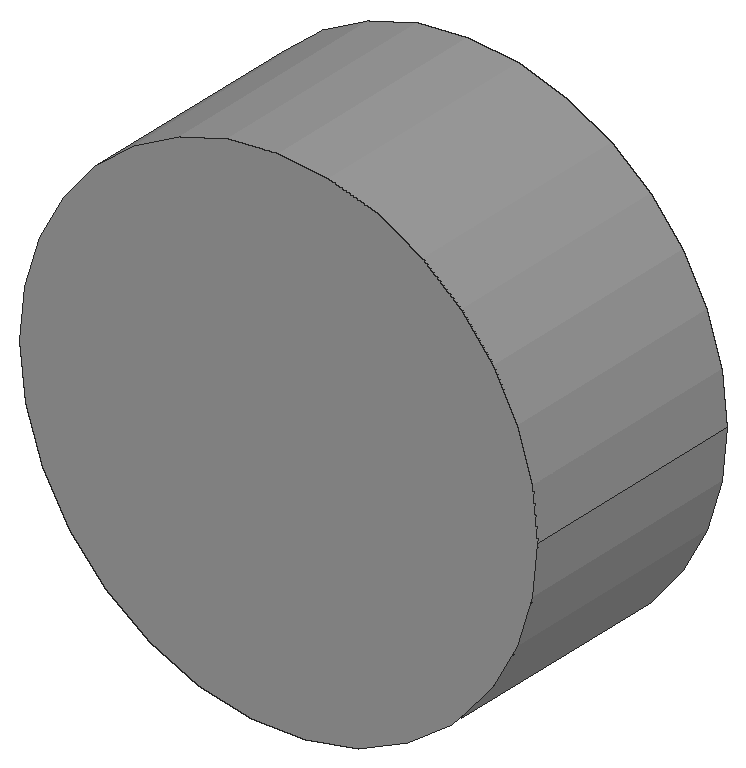
Revit family "Задание_Круглая_Стена_БезОсновы", category Окна, Revit 2019
Family settings
  На основе рабочей плоскости = Нет
  Всегда вертикально = Да
  При загрузке вырезать с полостями = Нет
  Общий = Да
  Точка расчета площади = Нет
Parameters (values of type "Отверстие с гильзой")
  Width = 0 mm  # constant formula
  ТолщинаОсновы [instance] = 100 mm
  Согласованно [instance] = not(Несогласованно)  # no
  Смещение дуги [instance] = Размер_Диаметр / 4  # 54.75 mm
  Размер_Диаметр [instance] = if(Гильза, Диаметр гильзы, Диаметр отверстия)  # 219 mm
  Rough Width = 0 mm  # constant formula
  Rough Height = 0 mm  # constant formula
  Позиция [instance] = "1"
  Отверстие_Толщина стенки [instance] = 4 mm
  Отверстие_Отметка этажа [instance] = 0 mm
  Отверстие_Отметка от этажа [instance] = 0 mm
  Отверстие_Отметка от нуля [instance] = Отверстие_Отметка этажа + Отверстие_Отметка от этажа  # 0 mm
  Отверстие_Дисциплина [instance] = ""
  Отверстие_Дата [instance] = ""
  Отверстие = not(Гильза)  # no
  Несогласованно [instance] = yes
  Материал стены [instance] = ""
  Группа модели = "Задание"  # constant formula
  Видимость_Вниз [instance] = 0 mm
  Видимость_Вверх [instance] = 0 mm
  Коллизии [instance] = ""
  Инструкция [instance] = "https://drive.google.com/open?id=1dWthfLxqsksj-u4klXlJBslAAIWb7P7Y"
  Диаметр отверстия [instance] = 100 mm
  Диаметр гильзы [instance] = 219 mm
  Гильза = yes
  Height = 0 mm  # constant formula
  Аналитическая конструкция = "<Нет>"
  Y [instance] = 0
  X [instance] = 0
Types (2, lengths in mm): name | Согласованно | Смещение дуги | Размер_Диаметр | Отверстие | Несогласованно | Диаметр гильзы | Гильза
  Круглое отверстие | yes | 25 | 100 | yes | no | 100 | no
  Отверстие с гильзой | no | 54.75 | 219 | no | yes | 219 | yes
Reference planes
  plane 1 "По центру (Вперед/Назад)": y = 0
  plane 2: z = 0
  plane 3 "По центру (Влево/Вправо)": x = 0
  plane 4 "Y верх": y = 100
  plane 5 "Н низ": y = 0
  plane 6: z = 109.5
  plane 7 "Линия ВЕРХ": z = 109.5
  plane 8 "Линия НИЗ": z = -109.5
  plane 9: z = -109.5
  plane 10 "Центр отверстия": through (-6.856, -1524, -6.856) normal (-0.7071, 0, 0.7071)
  plane 11 "Смещение вн. дуги от центра": through (31.858, -1524, -45.57) normal (-0.7071, 0, 0.7071)
  plane 12 "ОП СимЛин ЛВ": x = -109.5
  plane 13 "ОП СимЛин ПР": x = 109.5
  plane 14: x = -10
  plane 15: x = 10
  plane 16: z = -10
  plane 17: z = 10
  plane 18: z = -20
  plane 19: z = 20
  plane 20: x = 20
  plane 21: x = -20
  plane 22: z = -114.5
  plane 23: z = 114.5
  plane 24: x = -114.5
  plane 25: x = 114.5
Forms (mm)
  Extrusion 1, solid, material "По умолчанию"
    sketch origin (0, 0, 0) x (1, 0, 0) y (0, 0, 1)
      loop
        circle (0, 0) r 109.5
    from -100 to 0
Lines and regions (mm)
  symbolic lines
    curve 1: line (109.5, 100, 0) -> (-109.5, 0, 0)
    curve 3: line (-109.5, 100, 0) -> (109.5, 100, 0)
    curve 4: line (-109.5, 0, 0) -> (-109.5, 100, 0)
    curve 5: line (109.5, 0, 0) -> (-109.5, 0, 0)
    curve 6: line (109.5, 100, 0) -> (109.5, 0, 0)
    curve 7: line (0, 100, 109.5) -> (0, 0, 109.5)
    curve 8: line (0, 100, -109.5) -> (0, 100, 109.5)
    curve 9: line (0, 0, -109.5) -> (0, 100, -109.5)
    curve 10: line (0, 0, 109.5) -> (0, 0, -109.5)
    curve 11: circle (0, 0, 0) r 109.5 normal (0, -1, 0)
    curve 12: line (-109.5, 0, 0) -> (109.5, 0, 0)
  model lines, style "InvisibleLines"
    curve 2: line (0, 0, -109.5) -> (0, 0, 109.5)
    curve 14: line (-27.399, 77.5, 0) -> (-19.899, 90, 0)
    curve 15: line (-34.899, 90, 0) -> (-27.399, 77.5, 0)
    curve 16: line (-12.399, 90, 0) -> (-12.399, 65, 0)
    curve 17: line (-12.399, 90, 0) -> (-10, 83.408, 0)
    curve 18: line (-12.399, 90, 0) -> (-14.799, 83.408, 0)
    curve 19: line (-12.399, 65, 0) -> (-10, 71.592, 0)
    curve 20: line (-12.399, 65, 0) -> (-14.799, 71.592, 0)
    curve 21: line (-27.399, 77.5, 0) -> (-27.399, 65, 0)
    curve 36: line (46.099, 36.771, 0) -> (24.886, 15.558, 0)
    curve 37: line (35.492, 26.164, 0) -> (46.099, 15.558, 0)
    curve 38: line (35.492, 26.164, 0) -> (24.886, 36.771, 0)
    curve 39: line (48.064, 7.581, 0) -> (23.064, 7.581, 0)
    curve 40: line (48.064, 7.581, 0) -> (41.471, 5.181, 0)
    curve 41: line (48.064, 7.581, 0) -> (41.471, 9.98, 0)
    curve 42: line (23.064, 7.581, 0) -> (29.656, 5.181, 0)
    curve 43: line (23.064, 7.581, 0) -> (29.656, 9.98, 0)
  symbolic lines, visible <- "Отверстие"
    curve 13: arc (77.428, 0, 77.428) -> (-47.853, 0, 47.853) -> (-77.428, 0, -77.428) r 122.425
  model lines, style "InvisibleLines", not visible
    curve 22: line (317.866, -74.537, 0) -> (325.366, -62.037, 0)
    curve 23: line (310.366, -62.037, 0) -> (317.866, -74.537, 0)
    curve 24: line (332.866, -62.037, 0) -> (332.866, -87.037, 0)
    curve 25: line (332.866, -62.037, 0) -> (335.266, -68.63, 0)
    curve 26: line (332.866, -62.037, 0) -> (330.467, -68.63, 0)
    curve 27: line (332.866, -87.037, 0) -> (335.266, -80.445, 0)
    curve 28: line (332.866, -87.037, 0) -> (330.467, -80.445, 0)
    curve 29: line (317.866, -74.537, 0) -> (317.866, -87.037, 0)
    curve 44: line (391.364, -115.267, 0) -> (370.151, -136.48, 0)
    curve 45: line (380.758, -125.873, 0) -> (391.364, -136.48, 0)
    curve 46: line (380.758, -125.873, 0) -> (370.151, -115.267, 0)
    curve 47: line (393.33, -144.456, 0) -> (368.33, -144.456, 0)
    curve 48: line (393.33, -144.456, 0) -> (386.737, -146.856, 0)
    curve 49: line (393.33, -144.456, 0) -> (386.737, -142.057, 0)
    curve 50: line (368.33, -144.456, 0) -> (374.922, -146.856, 0)
    curve 51: line (368.33, -144.456, 0) -> (374.922, -142.057, 0)
  symbolic lines, visible <- "Гильза"
    curve 30: line (0, 0, 10) -> (0, 0, -10)
    curve 31: line (-10, 0, 0) -> (10, 0, 0)
    curve 32: line (0, 0, -20) -> (0, 0, -114.5)
    curve 33: line (-20, 0, 0) -> (-114.5, 0, 0)
    curve 34: line (0, 0, 20) -> (0, 0, 114.5)
    curve 35: line (20, 0, 0) -> (114.5, 0, 0)
Dimensions and locks
  "ТолщинаОсновы": plane 5 "Н низ" to plane 4 "Y верх"
  equal spacing: plane 6, level, plane 9
  "Размер_Диаметр": plane 6 to plane 9
  "Видимость_Вниз": plane 9 to plane 8 "Линия НИЗ"
  "Видимость_Вверх": plane 7 "Линия ВЕРХ" to plane 6
  "Смещение дуги": plane 10 "Центр отверстия" to plane 11 "Смещение вн. дуги от центра"
  "Размер_Диаметр": plane 12 "ОП СимЛин ЛВ" to plane 13 "ОП СимЛин ПР"
  equal spacing: plane 12 "ОП СимЛин ЛВ", plane 3 "По центру (Влево/Вправо)", plane 13 "ОП СимЛин ПР"
  locked: plane 4 "Y верх" to curve 15 at 10
  locked: plane 24 to plane 12 "ОП СимЛин ЛВ" at 5
  locked: plane 13 "ОП СимЛин ПР" to plane 25 at 5
  locked: plane 23 to plane 7 "Линия ВЕРХ" at 5
  locked: plane 9 to plane 22 at 5
  locked: plane 17 to plane 16 at 20
  locked: plane 16 to plane 18 at 10
  locked: plane 19 to plane 17 at 10
  locked: plane 21 to plane 14 at 10
  locked: plane 14 to plane 15 at 20
  locked: plane 15 to plane 20 at 10
  "Размер_Диаметр": diameter of Extrusion 1 sketch curve
  "Размер_Диаметр": diameter of curve 11
  aligned and locked: level to plane 2
  aligned and locked: curve 2 to plane 3 "По центру (Влево/Вправо)"
  aligned and locked: curve 3 to plane 4 "Y верх"
  aligned and locked: curve 5 to plane 5 "Н низ"
  aligned and locked: curve 2 to plane 7 "Линия ВЕРХ"
  aligned and locked: Extrusion 1 to plane 4 "Y верх"
  aligned and locked: plane 5 "Н низ" to Extrusion 1
  aligned and locked: plane 8 "Линия НИЗ" to curve 2
  aligned and locked: curve 7 to plane 6
  aligned and locked: plane 9 to curve 9
  aligned and locked: curve 8 to plane 4 "Y верх"
  aligned and locked: curve 10 to plane 5 "Н низ"
  aligned and locked: plane 3 "По центру (Влево/Вправо)" to curve 11
  aligned and locked: level to curve 11
  aligned and locked: plane 11 "Смещение вн. дуги от центра" to curve 13
  aligned and locked: curve 4 to plane 12 "ОП СимЛин ЛВ"
  aligned and locked: plane 13 "ОП СимЛин ПР" to curve 6
  aligned and locked: plane 3 "По центру (Влево/Вправо)" to curve 34
  aligned and locked: curve 30 to plane 3 "По центру (Влево/Вправо)"
  aligned and locked: curve 32 to plane 3 "По центру (Влево/Вправо)"
  aligned and locked: level to curve 33
  aligned and locked: curve 31 to level
  aligned and locked: curve 35 to level
  aligned and locked: plane 1 "По центру (Вперед/Назад)" to plane 5 "Н низ"
  aligned and locked: nested 1 to curve 3
Automatic sketch dimensions
  Extrusion 1 sketch curve to level = 0 mm
  Extrusion 1 sketch curve to plane 3 "По центру (Влево/Вправо)" = 0 mm
  plane 10 "Центр отверстия" to curve 13 = 0 mm  (x2)
  curve 30 to plane 17 = 0 mm
  curve 30 to plane 16 = 0 mm
  plane 14 to curve 31 = 0 mm
  plane 15 to curve 31 = 0 mm
  curve 32 to plane 18 = 0 mm
  curve 32 to plane 22 = 0 mm
  plane 24 to curve 33 = 0 mm
  plane 21 to curve 33 = 0 mm
  curve 34 to plane 19 = 0 mm
  curve 34 to plane 23 = 0 mm
  plane 20 to curve 35 = 0 mm
  plane 25 to curve 35 = 0 mm
  curve 14 to curve 16 = 15 mm
  curve 16 to curve 42 = 35.463 mm
  curve 42 to curve 40 = 25 mm
  curve 39 to curve 16 = 57.419 mm
  curve 16 to curve 15 = 12.5 mm
  curve 14 to curve 16 = 12.5 mm
  curve 15 to curve 14 = 7.5 mm
  curve 14 to curve 16 = 7.5 mm
  curve 18 to curve 16 = 2.399 mm
  curve 20 to curve 16 = 2.399 mm
  curve 18 to curve 17 = 4.799 mm
  curve 20 to curve 19 = 4.799 mm
  curve 39 to curve 38 = 1.822 mm
  curve 39 to curve 36 = 1.822 mm
  curve 42 to curve 42 = 6.592 mm
  curve 43 to curve 42 = 0 mm
  curve 36 to curve 37 = 10.607 mm
  curve 38 to curve 37 = 0 mm
  curve 40 to curve 39 = 6.592 mm
  curve 41 to curve 40 = 0 mm
  curve 38 to curve 36 = 10.607 mm
  curve 41 to curve 37 = 4.627 mm
  curve 40 to curve 39 = 2.399 mm
  curve 42 to curve 42 = 2.399 mm
  curve 40 to curve 41 = 4.799 mm
  curve 42 to curve 43 = 4.799 mm
  curve 41 to curve 37 = 5.577 mm
  curve 43 to curve 36 = 5.577 mm
  curve 21 to curve 14 = 12.5 mm
  curve 16 to curve 19 = 6.592 mm
  curve 20 to curve 19 = 0 mm
  curve 18 to curve 16 = 6.592 mm
  curve 18 to curve 17 = 0 mm
  curve 14 to curve 15 = 12.5 mm
  curve 14 to curve 16 = 0 mm
  curve 22 to curve 24 = 15 mm
  curve 24 to curve 50 = 35.463 mm
  curve 50 to curve 48 = 25 mm
  curve 47 to curve 24 = 57.419 mm
  curve 24 to curve 23 = 12.5 mm
  curve 22 to curve 24 = 12.5 mm
  curve 23 to curve 22 = 7.5 mm
  curve 22 to curve 24 = 7.5 mm
  curve 26 to curve 24 = 2.399 mm
  curve 28 to curve 24 = 2.399 mm
  curve 26 to curve 25 = 4.799 mm
  curve 28 to curve 27 = 4.799 mm
  curve 47 to curve 46 = 1.822 mm
  curve 47 to curve 44 = 1.822 mm
  curve 50 to curve 50 = 6.592 mm
  curve 51 to curve 50 = 0 mm
  curve 44 to curve 45 = 10.607 mm
  curve 46 to curve 45 = 0 mm
  curve 48 to curve 47 = 6.592 mm
  curve 49 to curve 48 = 0 mm
  curve 46 to curve 44 = 10.607 mm
  curve 49 to curve 45 = 4.627 mm
  curve 48 to curve 47 = 2.399 mm
  curve 50 to curve 50 = 2.399 mm
  curve 48 to curve 49 = 4.799 mm
  curve 50 to curve 51 = 4.799 mm
  curve 49 to curve 45 = 5.577 mm
  curve 51 to curve 44 = 5.577 mm
  curve 29 to curve 22 = 12.5 mm
  curve 24 to curve 27 = 6.592 mm
  curve 28 to curve 27 = 0 mm
  curve 26 to curve 24 = 6.592 mm
  curve 26 to curve 25 = 0 mm
  curve 22 to curve 23 = 12.5 mm
  curve 22 to curve 24 = 0 mm
Nested families
  nested 1: "Заполнение (план)" at (0, -100, 0), Красный <- "Несогласованно", Masking length <- "Размер_Диаметр", Masking depth <- "ТолщинаОсновы", type "Красный"
    with Черный no, Красный yes, Masking length 219 mm, Masking depth 100 mm
Definition of nested family "Заполнение (план)"
  Parameters (values of type "Красный")
    Черный [instance] = not(Красный)  # no
    Красный [instance] = yes
    Assembly Code = ""
    Masking length [instance] = 400 mm
    Masking depth [instance] = 250 mm
  Types (3, lengths in mm): name | Черный | Красный | Masking depth
    Красный | no | yes | 250
    Чёрный | yes | no | 300
    Стандарт | yes | no | 300
  Reference planes
    plane 1 "Break Line": y = 25
    plane 2: z = 0
    plane 3: x = -200
    plane 4: x = 200
    plane 5: y = 275
    plane 6: x = 0
    plane 7: y = 150
  Lines and regions (mm)
    Filled region 1, type "Черный", in view "Ground floor", visible <- "Черный"
      outline origin (0, 0, 0) x (1, 0, 0) y (0, 1, 0)
        loop
          line (-200, 25) -> (200, 25) -> (200, 275) -> (-200, 275) -> (-200, 25)
    Filled region 2, type "Красный", in view "Ground floor", visible <- "Красный"
      outline origin (0, 0, 0) x (1, 0, 0) y (0, 1, 0)
        loop
          line (-200, 25) -> (200, 25) -> (200, 275) -> (-200, 275) -> (-200, 25)
    detail lines, in view "Ground floor"
      curve 1: line (-200, 275, 0) -> (200, 25, 0)
      curve 2: line (-200, 25, 0) -> (200, 275, 0)
  Dimensions and locks
    "Masking depth": plane 1 "Break Line" to plane 5
    "Masking length": plane 3 to plane 4
    equal spacing: plane 3, plane 6, plane 4
    equal spacing: plane 1 "Break Line", plane 7, plane 5
    aligned and locked: plane 3 to Filled region 1
    aligned and locked: plane 5 to Filled region 1 sketch curve
    aligned and locked: plane 1 "Break Line" to Filled region 1 sketch curve
    aligned and locked: plane 4 to Filled region 1 sketch curve
    aligned and locked: Filled region 1 sketch curve to plane 3
    aligned and locked: plane 5 to curve 1
    aligned and locked: plane 4 to curve 1
    aligned and locked: plane 3 to curve 2
    aligned and locked: plane 5 to curve 2
    aligned and locked: Filled region 2 to plane 4
    aligned and locked: Filled region 2 to plane 5
    aligned and locked: plane 3 to Filled region 2
    aligned and locked: plane 1 "Break Line" to Filled region 2
    aligned and locked: Filled region 2 sketch curve to plane 3
    aligned and locked: plane 4 to Filled region 2 sketch curve
    aligned and locked: plane 5 to Filled region 2 sketch curve
    aligned and locked: plane 1 "Break Line" to Filled region 2 sketch curve
  Automatic sketch dimensions
    curve 1 to plane 3 = 0 mm
    curve 2 to plane 4 = 0 mm
    plane 1 "Break Line" to curve 1 = 0 mm
    plane 1 "Break Line" to curve 2 = 0 mm
